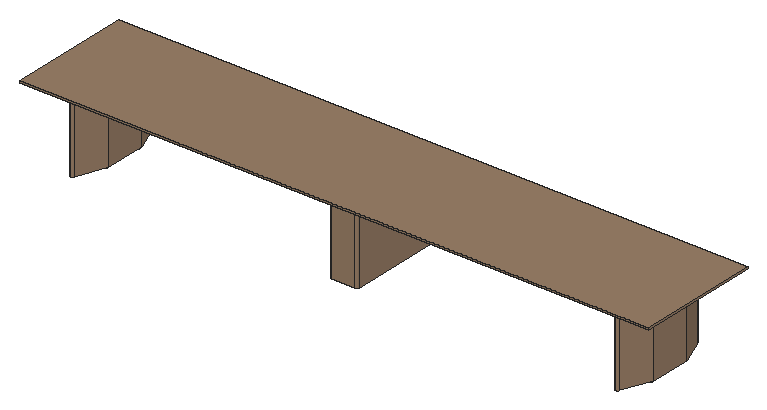
Revit family "Table-Teknion-CFTSTH_Figure_Table_Rectangular_Hexa_Panel_Base_Subtop-R2023", category Furniture, Revit 2023 (continued)
Definition of nested family "Softened Panel"
  Forms (in)
    Sweep 5, solid, material <- "Glide Finish"
      profile origin (0, 0, 0.375) x (0, -1, 0) y (1, 0, 0)
        loop
          line (16.3335, -3.82713) -> (16.646, -4.00755) -> (16.9585, -3.82713) -> (16.9585, -3.46628) -> (16.646, -3.28586) -> (16.3335, -3.46628) -> (16.3335, -3.82713)
        loop
          line (16.3335, 3.46628) -> (16.646, 3.28586) -> (16.9585, 3.46628) -> (16.9585, 3.82713) -> (16.646, 4.00755) -> (16.3335, 3.82713) -> (16.3335, 3.46628)
        loop
          line (-16.9585, 3.46628) -> (-16.646, 3.28586) -> (-16.3335, 3.46628) -> (-16.3335, 3.82713) -> (-16.646, 4.00755) -> (-16.9585, 3.82713) -> (-16.9585, 3.46628)
        loop
          line (-16.9585, -3.82713) -> (-16.646, -4.00755) -> (-16.3335, -3.82713) -> (-16.3335, -3.46628) -> (-16.646, -3.28586) -> (-16.9585, -3.46628) -> (-16.9585, -3.82713)
    Sweep 6, solid, material <- "Base Finish"
      path origin (0, 0, 0) x (1, 0, 0) y (0, 0, 1)
        loop
          line (0, 26.75) -> (0, 0.5)
      profile origin (0, 0, 13.625) x (0, -1, 0) y (1, 0, 0)
        loop
          line (17, 5) -> (-17, 5)
          arc (-17, 5) -> (-17.70711, 4.70711) -> (-18, 4) r 1
          line (-18, 4) -> (-18, -4)
          arc (-18, -4) -> (-17.70711, -4.70711) -> (-17, -5) r 1
          line (-17, -5) -> (17, -5)
          arc (17, -5) -> (17.70711, -4.70711) -> (18, -4) r 1
          line (18, -4) -> (18, 4)
          arc (18, 4) -> (17.70711, 4.70711) -> (17, 5) r 1
    Sweep 7, void
      path origin (0, 0, 0) x (1, 0, 0) y (0, 1, 0)
        loop
          line (7.5, 0) -> (-7.5, 0)
      profile origin (0, 0, 0) x (0, -1, 0) y (0, 0, 1)
        loop
          line (-5, 27.5) -> (-5, 24.5)
          arc (-5, 24.5) -> (-4.85355, 24.14645) -> (-4.5, 24) r 0.5
          line (-4.5, 24) -> (4.5, 24)
          arc (4.5, 24) -> (4.85355, 24.14645) -> (5, 24.5) r 0.5
          line (5, 24.5) -> (5, 27.5) -> (-5, 27.5)
    Sweep 8, void
      path origin (0, 0, 0) x (1, 0, 0) y (0, 0, 1)
        loop
          line (0, 26) -> (0, 1.25)
      profile origin (0, 0, 13.625) x (0, -1, 0) y (1, 0, 0)
        loop
          line (-17.25, -4.25) -> (17.25, -4.25) -> (17.25, 4.25) -> (-17.25, 4.25) -> (-17.25, -4.25)
    Sweep 9, void
      path origin (0, 0, 0) x (1, 0, 0) y (0, 0, 1)
        loop
          line (0, 0) -> (0, 2)
      profile origin (0, 0, 1) x (-1, 0, 0) y (0, -1, 0)
        loop
          arc (3, -2.64575) -> (4, 0) -> (3, 2.64575) r 4
          line (3, 2.64575) -> (3, 4.5)
          arc (3, 4.5) -> (2.85355, 4.85355) -> (2.5, 5) r 0.5
          line (2.5, 5) -> (-2.5, 5)
          arc (-2.5, 5) -> (-2.85355, 4.85355) -> (-3, 4.5) r 0.5
          line (-3, 4.5) -> (-3, 2.64575)
          arc (-3, 2.64575) -> (-4, 0) -> (-3, -2.64575) r 4
          line (-3, -2.64575) -> (-3, -4.5)
          arc (-3, -4.5) -> (-2.85355, -4.85355) -> (-2.5, -5) r 0.5
          line (-2.5, -5) -> (2.5, -5)
          arc (2.5, -5) -> (2.85355, -4.85355) -> (3, -4.5) r 0.5
          line (3, -4.5) -> (3, -2.64575)
    Sweep 10, void
      path origin (0, 0, 0) x (1, 0, 0) y (0, 1, 0)
        loop
          line (-2.5, 0) -> (-7.5, 0)
      profile origin (-5, 0, 0) x (0, -1, 0) y (0, 0, 1)
        loop
          line (-3.9, 21) -> (-3.9, 4.6) -> (3.9, 4.6) -> (3.9, 21) -> (-3.9, 21)
        loop
          line (-4, 22) -> (-4, 4.5) -> (4, 4.5) -> (4, 22)
          arc (4, 22) -> (3.85355, 22.35355) -> (3.5, 22.5) r 0.5
          line (3.5, 22.5) -> (-3.5, 22.5)
          arc (-3.5, 22.5) -> (-3.85355, 22.35355) -> (-4, 22) r 0.5
    Sweep 11, void
      path origin (0, 0, 0) x (1, 0, 0) y (0, 1, 0)
        loop
          line (7.5, 0) -> (7.2, 0)
      profile origin (7.35, 0, 0) x (0, -1, 0) y (0, 0, 1)
        loop
          arc (2.75, 24) -> (2.92678, 24.07322) -> (3, 24.25) r 0.25
          line (3, 24.25) -> (3, 25.75)
          arc (3, 25.75) -> (2.92678, 25.92678) -> (2.75, 26) r 0.25
          line (2.75, 26) -> (-2.75, 26)
          arc (-2.75, 26) -> (-2.92678, 25.92678) -> (-3, 25.75) r 0.25
          line (-3, 25.75) -> (-3, 24.25)
          arc (-3, 24.25) -> (-2.92678, 24.07322) -> (-2.75, 24) r 0.25
          line (-2.75, 24) -> (2.75, 24)
    Sweep 12, void
      path origin (0, 0, 0) x (1, 0, 0) y (0, 0, 1)
        loop
          line (0, 28.75) -> (0, 28.45)
      profile origin (0, 0, 28.6) x (0, -1, 0) y (1, 0, 0)
        loop
          arc (4.5, -3) -> (4.85355, -2.85355) -> (5, -2.5) r 0.5
          line (5, -2.5) -> (5, 2.5)
          arc (5, 2.5) -> (4.85355, 2.85355) -> (4.5, 3) r 0.5
          line (4.5, 3) -> (-4.5, 3)
          arc (-4.5, 3) -> (-4.85355, 2.85355) -> (-5, 2.5) r 0.5
          line (-5, 2.5) -> (-5, -2.5)
          arc (-5, -2.5) -> (-4.85355, -2.85355) -> (-4.5, -3) r 0.5
          line (-4.5, -3) -> (4.5, -3)
  Cuts and joins
    joined: Revolve 1, Revolve 2, Revolve 3, Revolve 4, Sweep 5
    Sweep 7, Sweep 8, Sweep 9, Sweep 10, Sweep 11, Sweep 12 cuts Sweep 6
  Lines and regions (in)
    symbolic lines, detail levels medium+fine
      curve 1: line (-5, 17, 0) -> (-5, -17, 0)
      curve 2: arc (-5, -17, 0) -> (-4.70711, -17.70711, 0) -> (-4, -18, 0) r 1
      curve 3: line (-4, -18, 0) -> (4, -18, 0)
      curve 4: arc (4, -18, 0) -> (4.70711, -17.70711, 0) -> (5, -17, 0) r 1
      curve 5: line (5, -17, 0) -> (5, 17, 0)
      curve 6: arc (5, 17, 0) -> (4.70711, 17.70711, 0) -> (4, 18, 0) r 1
      curve 7: line (4, 18, 0) -> (-4, 18, 0)
      curve 8: arc (-4, 18, 0) -> (-4.70711, 17.70711, 0) -> (-5, 17, 0) r 1
      curve 9: line (4.25, 17.25, 0) -> (-4.25, 17.25, 0)
      curve 10: line (-4.25, 17.25, 0) -> (-4.25, -17.25, 0)
      curve 11: line (-4.25, -17.25, 0) -> (4.25, -17.25, 0)
      curve 12: line (4.25, -17.25, 0) -> (4.25, 17.25, 0)
      curve 13: arc (3, 2.64575, 0) -> (4, 0, 0) -> (3, -2.64575, 0) r 4
      curve 14: line (3, -2.64575, 0) -> (3, -4.5, 0)
      curve 15: arc (3, -4.5, 0) -> (2.85355, -4.85355, 0) -> (2.5, -5, 0) r 0.5
      curve 16: line (2.5, -5, 0) -> (-2.5, -5, 0)
      curve 17: arc (-2.5, -5, 0) -> (-2.85355, -4.85355, 0) -> (-3, -4.5, 0) r 0.5
      curve 18: line (-3, -4.5, 0) -> (-3, -2.64575, 0)
      curve 19: arc (-3, -2.64575, 0) -> (-4, 0, 0) -> (-3, 2.64575, 0) r 4
      curve 20: line (-3, 2.64575, 0) -> (-3, 4.5, 0)
      curve 21: arc (-3, 4.5, 0) -> (-2.85355, 4.85355, 0) -> (-2.5, 5, 0) r 0.5
      curve 22: line (-2.5, 5, 0) -> (2.5, 5, 0)
      curve 23: arc (2.5, 5, 0) -> (2.85355, 4.85355, 0) -> (3, 4.5, 0) r 0.5
      curve 24: line (3, 4.5, 0) -> (3, 2.64575, 0)
    symbolic lines, visible <- "2D - 30W", detail levels medium+fine
      curve 25: line (-3, 4.5, 0) -> (-3, -4.5, 0)
      curve 26: line (3, -4.5, 0) -> (3, 4.5, 0)
    symbolic lines, detail levels fine
      curve 27: line (-4.25, 4, 0) -> (-5, 4, 0)
      curve 28: line (-5, 3.9, 0) -> (-4.25, 3.9, 0)
      curve 29: line (-4.25, -3.9, 0) -> (-5, -3.9, 0)
      curve 30: line (-5, -4, 0) -> (-4.25, -4, 0)
      curve 37: line (-3.46628, 16.9585, 0) -> (-3.82713, 16.9585, 0)
      curve 38: line (-3.82713, 16.9585, 0) -> (-4.00755, 16.646, 0)
      curve 39: line (-4.00755, 16.646, 0) -> (-3.82713, 16.3335, 0)
      curve 40: line (-3.82713, 16.3335, 0) -> (-3.46628, 16.3335, 0)
      curve 41: line (-3.46628, 16.3335, 0) -> (-3.28586, 16.646, 0)
      curve 42: line (-3.28586, 16.646, 0) -> (-3.46628, 16.9585, 0)
      curve 43: arc (-4.14645, 16.646, 0) -> (-3.64645, 17.146, 0) -> (-3.14645, 16.646, 0) r 0.5
      curve 44: arc (-3.14645, 16.646, 0) -> (-3.64645, 16.146, 0) -> (-4.14645, 16.646, 0) r 0.5
      curve 45: line (3.82713, 16.9585, 0) -> (3.46628, 16.9585, 0)
      curve 46: line (3.46628, 16.9585, 0) -> (3.28586, 16.646, 0)
      curve 47: line (3.28586, 16.646, 0) -> (3.46628, 16.3335, 0)
      curve 48: line (3.46628, 16.3335, 0) -> (3.82713, 16.3335, 0)
      curve 49: line (3.82713, 16.3335, 0) -> (4.00755, 16.646, 0)
      curve 50: line (4.00755, 16.646, 0) -> (3.82713, 16.9585, 0)
      curve 51: arc (3.14645, 16.646, 0) -> (3.64645, 17.146, 0) -> (4.14645, 16.646, 0) r 0.5
      curve 52: arc (4.14645, 16.646, 0) -> (3.64645, 16.146, 0) -> (3.14645, 16.646, 0) r 0.5
      curve 53: line (3.82713, -16.3335, 0) -> (3.46628, -16.3335, 0)
      curve 54: line (3.46628, -16.3335, 0) -> (3.28586, -16.646, 0)
      curve 55: line (3.28586, -16.646, 0) -> (3.46628, -16.9585, 0)
      curve 56: line (3.46628, -16.9585, 0) -> (3.82713, -16.9585, 0)
      curve 57: line (3.82713, -16.9585, 0) -> (4.00755, -16.646, 0)
      curve 58: line (4.00755, -16.646, 0) -> (3.82713, -16.3335, 0)
      curve 59: arc (4.14645, -16.646, 0) -> (3.64645, -16.146, 0) -> (3.14645, -16.646, 0) r 0.5
      curve 60: arc (3.14645, -16.646, 0) -> (3.64645, -17.146, 0) -> (4.14645, -16.646, 0) r 0.5
      curve 61: arc (-3.14645, -16.646, 0) -> (-3.64645, -16.146, 0) -> (-4.14645, -16.646, 0) r 0.5
      curve 62: arc (-4.14645, -16.646, 0) -> (-3.64645, -17.146, 0) -> (-3.14645, -16.646, 0) r 0.5
      curve 63: line (-3.46628, -16.3335, 0) -> (-3.82713, -16.3335, 0)
      curve 64: line (-3.82713, -16.3335, 0) -> (-4.00755, -16.646, 0)
      curve 65: line (-4.00755, -16.646, 0) -> (-3.82713, -16.9585, 0)
      curve 66: line (-3.82713, -16.9585, 0) -> (-3.46628, -16.9585, 0)
      curve 67: line (-3.46628, -16.9585, 0) -> (-3.28586, -16.646, 0)
      curve 68: line (-3.28586, -16.646, 0) -> (-3.46628, -16.3335, 0)
    symbolic lines, visible <- "2D - 30W", detail levels fine
      curve 31: line (-5, 3, 0) -> (-4.25, 3, 0)
      curve 32: line (-5, -3, 0) -> (-4.25, -3, 0)
      curve 33: line (4.25, -3, 0) -> (5, -3, 0)
      curve 34: line (4.25, 3, 0) -> (5, 3, 0)
    symbolic lines, visible <- "2D - 36W", detail levels medium+fine
      curve 35: line (5, 5, 0) -> (-5, 5, 0)
      curve 36: line (-5, -5, 0) -> (5, -5, 0)
  Dimensions and locks (in)
    plane 4 "Left" to plane 5 "Right" = 10.000"
    "Panel Width": plane 6 "Back" to plane 7 "Front"
    locked: plane 8 "Top" to level at 26.75
    equal spacing: plane 6 "Back", plane 1 "Center Front/Back", plane 7 "Front"
    equal spacing: plane 4 "Left", plane 3 "Center Left/Right", plane 5 "Right"
    locked: plane 6 "Back" to plane 10 "2" at 1.354
    locked: plane 7 "Front" to plane 9 "1" at 1.354
    locked: plane 11 to plane 2 at 0.5
    locked: Revolve 1 sketch curve to plane 2 at 0.25
    Revolve 1 sketch curve to Revolve 1 sketch curve to plane 4 "Left" = 0.500" locked, 0.85355" locked
    locked: Revolve 2 sketch curve to plane 2 at 0.25
    Revolve 2 sketch curve to Revolve 2 sketch curve to plane 5 "Right" = 0.500" locked, 1.35355" locked
    locked: Revolve 2 sketch curve to plane 5 "Right" at 1.35355
    Revolve 3 sketch curve to Revolve 3 sketch curve to plane 4 "Left" = 0.500" locked, 0.85355" locked
    locked: Revolve 3 sketch curve to plane 2 at 0.25
    locked: Revolve 4 sketch curve to plane 2 at 0.25
    Revolve 4 sketch curve to Revolve 4 sketch curve to plane 5 "Right" = 0.500" locked, 1.35355" locked
    locked: Revolve 4 sketch curve to plane 5 "Right" at 1.35355
    locked: Sweep 5 sketch curve to plane 2 at 0.25
    plane 4 "Left" to Sweep 5 sketch curve to Sweep 5 sketch curve to Sweep 5 sketch curve to Sweep 5 sketch curve to Sweep 5 sketch curve to Sweep 5 sketch curve = 0.99245" locked, 0.18042" locked, 0.000" locked, 0.36084" locked, 0.000" locked, 0.18042" locked  (x2)
    Sweep 5 sketch curve to Sweep 5 sketch curve to Sweep 5 sketch curve to Sweep 5 sketch curve to Sweep 5 sketch curve to Sweep 5 sketch curve to plane 5 "Right" = 0.18042" locked, 0.000" locked, 0.36084" locked, 0.000" locked, 0.18042" locked, 0.99245" locked  (x2)
    Sweep 5 sketch curve to plane 9 "1" to Sweep 5 sketch curve = 0.3125" locked, 0.3125" locked  (x2)
    Sweep 5 sketch curve to plane 10 "2" to Sweep 5 sketch curve = 0.3125" locked, 0.3125" locked  (x2)
    locked: plane 4 "Left" to Revolve 1 sketch curve at 1.35355
    locked: plane 4 "Left" to Revolve 3 sketch curve at 1.35355
    locked: plane 6 "Back" to Sweep 6 sketch curve at 1  (x2)
    locked: plane 7 "Front" to Sweep 6 sketch curve at 1  (x2)
    locked: plane 4 "Left" to Sweep 6 sketch curve at 1  (x2)
    locked: Sweep 6 sketch curve to plane 5 "Right" at 1  (x2)
    "Cut 1": Sweep 7 sketch curve to Sweep 7 sketch curve
    Sweep 7 sketch curve to Sweep 7 sketch curve to plane 1 "Center Front/Back" to Sweep 7 sketch curve to Sweep 7 sketch curve = 0.500" locked, 4.500" locked, 4.500" locked, 0.500" locked
    Sweep 7 sketch curve to plane 8 "Top" to Sweep 7 sketch curve = 0.750" locked, 2.750" locked
    locked: Sweep 8 sketch curve to plane 11 at 0.75
    locked: plane 8 "Top" to Sweep 8 sketch curve at 0.75
    locked: Sweep 8 sketch curve to plane 7 "Front" at 0.75
    locked: Sweep 8 sketch curve to plane 6 "Back" at 0.75
    locked: plane 4 "Left" to Sweep 8 sketch curve at 0.75
    locked: Sweep 8 sketch curve to plane 5 "Right" at 0.75
    locked: Sweep 9 sketch curve to plane 2 at 2
    Sweep 9 sketch curve to Sweep 9 sketch curve to Sweep 9 sketch curve to Sweep 9 sketch curve to Sweep 9 sketch curve to plane 1 "Center Front/Back" to Sweep 9 sketch curve to Sweep 9 sketch curve to Sweep 9 sketch curve to Sweep 9 sketch curve to Sweep 9 sketch curve = 0.500" locked, 0.000" locked, 1.85425" locked, 0.000" locked, 2.64575" locked, 2.64575" locked, 0.000" locked, 1.85425" locked, 0.000" locked, 0.500" locked
    Sweep 9 sketch curve to Sweep 9 sketch curve to plane 3 "Center Left/Right" to Sweep 9 sketch curve to Sweep 9 sketch curve = 0.500" locked, 2.500" locked, 2.500" locked, 0.500" locked
    Sweep 10 sketch curve to Sweep 10 sketch curve to plane 3 "Center Left/Right" = 5.000" locked, 2.500" locked
    Sweep 10 sketch curve to Sweep 10 sketch curve to Sweep 10 sketch curve to Sweep 10 sketch curve to plane 11 = 1.500" locked, 16.400" locked, 0.100" locked, 4.000" locked
    Sweep 10 sketch curve to Sweep 10 sketch curve to Sweep 10 sketch curve to plane 1 "Center Front/Back" to Sweep 10 sketch curve to Sweep 10 sketch curve to Sweep 10 sketch curve = 0.100" locked, 0.400" locked, 3.500" locked, 3.500" locked, 0.400" locked, 0.100" locked
    locked: Sweep 7 sketch curve to plane 4 "Left" at 2.5
    locked: plane 3 "Center Left/Right" to Sweep 11 sketch curve at 7.5
    "Cut 2": Sweep 11 sketch curve to Sweep 11 sketch curve
    Sweep 11 sketch curve to Sweep 11 sketch curve to plane 1 "Center Front/Back" to Sweep 11 sketch curve to Sweep 11 sketch curve = 0.250" locked, 2.750" locked, 2.750" locked, 0.250" locked
    Sweep 11 sketch curve to Sweep 11 sketch curve to Sweep 11 sketch curve to Sweep 11 sketch curve to plane 8 "Top" = 0.250" locked, 1.500" locked, 0.250" locked, 0.750" locked
    locked: Sweep 12 sketch curve to plane 8 "Top" at 2
    "Cut 3": Sweep 12 sketch curve to Sweep 12 sketch curve
    Sweep 12 sketch curve to Sweep 12 sketch curve to plane 3 "Center Left/Right" to Sweep 12 sketch curve to Sweep 12 sketch curve = 0.500" locked, 2.500" locked, 2.500" locked, 0.500" locked
    Sweep 12 sketch curve to Sweep 12 sketch curve to plane 1 "Center Front/Back" to Sweep 12 sketch curve to Sweep 12 sketch curve = 0.500" locked, 4.500" locked, 4.500" locked, 0.500" locked
    aligned and locked: level to plane 2
    aligned and locked: plane 2 to Revolve 1 sketch curve
    aligned and locked: plane 2 to Revolve 2 sketch curve
    aligned and locked: plane 2 to Revolve 3 sketch curve
    aligned and locked: plane 2 to Revolve 4 sketch curve
    aligned and locked: plane 11 to Sweep 5 sketch curve
    aligned and locked: Sweep 5 sketch curve to plane 3 "Center Left/Right"
    aligned and locked: plane 9 "1" to Sweep 5 sketch curve  (x4)
    aligned and locked: plane 10 "2" to Sweep 5 sketch curve  (x4)
    aligned and locked: plane 11 to Sweep 6 sketch curve
    aligned and locked: plane 8 "Top" to Sweep 6 sketch curve
    aligned and locked: Sweep 6 sketch curve to plane 3 "Center Left/Right"
    aligned and locked: Sweep 6 sketch curve to plane 7 "Front"
    aligned and locked: plane 4 "Left" to Sweep 6 sketch curve
    aligned and locked: plane 6 "Back" to Sweep 6 sketch curve
    aligned and locked: Sweep 7 sketch curve to plane 1 "Center Front/Back"
    aligned and locked: Sweep 8 sketch curve to plane 3 "Center Left/Right"
    aligned and locked: plane 2 to Sweep 9 sketch curve
    aligned and locked: plane 3 "Center Left/Right" to Sweep 9 sketch curve  (x3)
    aligned and locked: Sweep 9 sketch curve to Sweep 9 sketch curve
    aligned and locked: Sweep 10 sketch curve to plane 1 "Center Front/Back"
    aligned and locked: curve 2 to cut or joined group of Sweep 6, Sweep 7, Sweep 8, Sweep 9, Sweep 10, Sweep 11, Sweep 12
    aligned and locked: curve 4 to cut or joined group of Sweep 6, Sweep 7, Sweep 8, Sweep 9, Sweep 10, Sweep 11, Sweep 12
    aligned and locked: curve 6 to cut or joined group of Sweep 6, Sweep 7, Sweep 8, Sweep 9, Sweep 10, Sweep 11, Sweep 12
    aligned and locked: curve 8 to cut or joined group of Sweep 6, Sweep 7, Sweep 8, Sweep 9, Sweep 10, Sweep 11, Sweep 12
    aligned and locked: curve 9 to cut or joined group of Sweep 6, Sweep 7, Sweep 8, Sweep 9, Sweep 10, Sweep 11, Sweep 12
    aligned and locked: curve 10 to cut or joined group of Sweep 6, Sweep 7, Sweep 8, Sweep 9, Sweep 10, Sweep 11, Sweep 12
    aligned and locked: curve 11 to cut or joined group of Sweep 6, Sweep 7, Sweep 8, Sweep 9, Sweep 10, Sweep 11, Sweep 12
    aligned and locked: curve 12 to cut or joined group of Sweep 6, Sweep 7, Sweep 8, Sweep 9, Sweep 10, Sweep 11, Sweep 12
    aligned and locked: curve 13 to cut or joined group of Sweep 6, Sweep 7, Sweep 8, Sweep 9, Sweep 10, Sweep 11, Sweep 12
    aligned and locked: curve 14 to cut or joined group of Sweep 6, Sweep 7, Sweep 8, Sweep 9, Sweep 10, Sweep 11, Sweep 12
    aligned and locked: curve 15 to cut or joined group of Sweep 6, Sweep 7, Sweep 8, Sweep 9, Sweep 10, Sweep 11, Sweep 12
    aligned and locked: curve 17 to cut or joined group of Sweep 6, Sweep 7, Sweep 8, Sweep 9, Sweep 10, Sweep 11, Sweep 12
    aligned and locked: curve 19 to cut or joined group of Sweep 6, Sweep 7, Sweep 8, Sweep 9, Sweep 10, Sweep 11, Sweep 12
    aligned and locked: curve 20 to cut or joined group of Sweep 6, Sweep 7, Sweep 8, Sweep 9, Sweep 10, Sweep 11, Sweep 12
    aligned and locked: curve 21 to cut or joined group of Sweep 6, Sweep 7, Sweep 8, Sweep 9, Sweep 10, Sweep 11, Sweep 12
    aligned and locked: curve 23 to cut or joined group of Sweep 6, Sweep 7, Sweep 8, Sweep 9, Sweep 10, Sweep 11, Sweep 12
    aligned and locked: curve 27 to cut or joined group of Sweep 6, Sweep 7, Sweep 8, Sweep 9, Sweep 10, Sweep 11, Sweep 12
    aligned and locked: curve 28 to cut or joined group of Sweep 6, Sweep 7, Sweep 8, Sweep 9, Sweep 10, Sweep 11, Sweep 12
    aligned and locked: curve 29 to cut or joined group of Sweep 6, Sweep 7, Sweep 8, Sweep 9, Sweep 10, Sweep 11, Sweep 12
    aligned and locked: curve 30 to cut or joined group of Sweep 6, Sweep 7, Sweep 8, Sweep 9, Sweep 10, Sweep 11, Sweep 12
    aligned and locked: curve 34 to Sweep 11
    aligned and locked: curve 31 to Sweep 11
    aligned and locked: curve 33 to Sweep 11
    aligned and locked: curve 32 to Sweep 11
    aligned and locked: curve 35 to cut or joined group of Sweep 6, Sweep 7, Sweep 8, Sweep 9, Sweep 10, Sweep 11, Sweep 12
    aligned and locked: curve 36 to cut or joined group of Sweep 6, Sweep 7, Sweep 8, Sweep 9, Sweep 10, Sweep 11, Sweep 12
    aligned and locked: curve 37 to cut or joined group of Revolve 1, Revolve 2, Revolve 3, Revolve 4, Sweep 5
    aligned and locked: curve 38 to cut or joined group of Revolve 1, Revolve 2, Revolve 3, Revolve 4, Sweep 5
    aligned and locked: curve 39 to cut or joined group of Revolve 1, Revolve 2, Revolve 3, Revolve 4, Sweep 5
    aligned and locked: curve 40 to cut or joined group of Revolve 1, Revolve 2, Revolve 3, Revolve 4, Sweep 5
    aligned and locked: curve 41 to cut or joined group of Revolve 1, Revolve 2, Revolve 3, Revolve 4, Sweep 5
    aligned and locked: curve 42 to cut or joined group of Revolve 1, Revolve 2, Revolve 3, Revolve 4, Sweep 5
    aligned and locked: curve 43 to cut or joined group of Revolve 1, Revolve 2, Revolve 3, Revolve 4, Sweep 5
    aligned and locked: curve 44 to cut or joined group of Revolve 1, Revolve 2, Revolve 3, Revolve 4, Sweep 5
    aligned and locked: curve 45 to cut or joined group of Revolve 1, Revolve 2, Revolve 3, Revolve 4, Sweep 5
    aligned and locked: curve 46 to cut or joined group of Revolve 1, Revolve 2, Revolve 3, Revolve 4, Sweep 5
    aligned and locked: curve 47 to cut or joined group of Revolve 1, Revolve 2, Revolve 3, Revolve 4, Sweep 5
    aligned and locked: curve 48 to cut or joined group of Revolve 1, Revolve 2, Revolve 3, Revolve 4, Sweep 5
    aligned and locked: curve 49 to cut or joined group of Revolve 1, Revolve 2, Revolve 3, Revolve 4, Sweep 5
    aligned and locked: curve 50 to cut or joined group of Revolve 1, Revolve 2, Revolve 3, Revolve 4, Sweep 5
    aligned and locked: curve 51 to cut or joined group of Revolve 1, Revolve 2, Revolve 3, Revolve 4, Sweep 5
    aligned and locked: curve 52 to cut or joined group of Revolve 1, Revolve 2, Revolve 3, Revolve 4, Sweep 5
    aligned and locked: curve 53 to cut or joined group of Revolve 1, Revolve 2, Revolve 3, Revolve 4, Sweep 5
    aligned and locked: curve 54 to cut or joined group of Revolve 1, Revolve 2, Revolve 3, Revolve 4, Sweep 5
    aligned and locked: curve 55 to cut or joined group of Revolve 1, Revolve 2, Revolve 3, Revolve 4, Sweep 5
    aligned and locked: curve 56 to cut or joined group of Revolve 1, Revolve 2, Revolve 3, Revolve 4, Sweep 5
    aligned and locked: curve 57 to cut or joined group of Revolve 1, Revolve 2, Revolve 3, Revolve 4, Sweep 5
    aligned and locked: curve 58 to cut or joined group of Revolve 1, Revolve 2, Revolve 3, Revolve 4, Sweep 5
    aligned and locked: curve 59 to cut or joined group of Revolve 1, Revolve 2, Revolve 3, Revolve 4, Sweep 5
    aligned and locked: curve 60 to cut or joined group of Revolve 1, Revolve 2, Revolve 3, Revolve 4, Sweep 5
    aligned and locked: curve 61 to cut or joined group of Revolve 1, Revolve 2, Revolve 3, Revolve 4, Sweep 5
    aligned and locked: curve 62 to cut or joined group of Revolve 1, Revolve 2, Revolve 3, Revolve 4, Sweep 5
    aligned and locked: curve 63 to cut or joined group of Revolve 1, Revolve 2, Revolve 3, Revolve 4, Sweep 5
    aligned and locked: curve 64 to cut or joined group of Revolve 1, Revolve 2, Revolve 3, Revolve 4, Sweep 5
    aligned and locked: curve 65 to cut or joined group of Revolve 1, Revolve 2, Revolve 3, Revolve 4, Sweep 5
    aligned and locked: curve 66 to cut or joined group of Revolve 1, Revolve 2, Revolve 3, Revolve 4, Sweep 5
    aligned and locked: curve 67 to cut or joined group of Revolve 1, Revolve 2, Revolve 3, Revolve 4, Sweep 5
    aligned and locked: curve 68 to cut or joined group of Revolve 1, Revolve 2, Revolve 3, Revolve 4, Sweep 5
  Automatic sketch dimensions
    Revolve 2 sketch curve to plane 11 = 0.0769"
    Revolve 2 sketch curve to level = 0.3269"
    level to Revolve 4 sketch curve = 0.45393"
    plane 11 to Revolve 4 sketch curve = 0.08613"
    plane 11 to Revolve 1 sketch curve = 0.250"
    Revolve 1 sketch curve to level = 0.62632"
    Revolve 3 sketch curve to plane 11 = 0.250"
    level to Revolve 3 sketch curve = 0.500"
    Sweep 11 sketch curve to plane 1 "Center Front/Back" = 0.000"
    Sweep 12 sketch curve to plane 3 "Center Left/Right" = 0.000"
    plane 10 "2" to curve 43 = 0.000"  (x2)
    plane 10 "2" to curve 51 = 0.000"  (x2)
    curve 60 to plane 9 "1" = 0.000"
    curve 59 to plane 9 "1" = 0.000"
    curve 61 to plane 9 "1" = 0.000"  (x2)
Definition of nested family "Teknion_2D_Node_Family-R2016"
  Reference planes (in)
    plane 1 "Center (Front/Back)": y = 0
    plane 2: z = 0
    plane 3 "Center (Left/Right)": x = 0
  Lines and regions (in)
    detail lines, in view "Ref. Level"
      curve 1: circle (0, 0, 0) r 1.25 normal (0, 0, 1)
      curve 2: line (1.91508, -1.91508, 0) -> (-1.91508, 1.91508, 0)
      curve 3: line (-1.91508, -1.91508, 0) -> (1.91508, 1.91508, 0)
Types (4): name | Width | S - Softened Panel | Panel Width | N - No Central Base | Model | 2D - Softened + 36" Panel Width | 2D - Hexa Panel | H - Hexa Panel | Dim 2 | Dim 1 | Description | Depth | Cut - Central Base - Softened | Cut - Central Base - Hexa | Available Width
  (no name) | 240.000" | yes | 36.000" | no | "CFTSTH_____S" | yes | no | no | 18.000" | 19.000" | "Figure Table, Rectangular, Hexa Panel Base, Subtop , Softened Panel Central Base" | 60.000" | 15.000" | 0.300" | "132, 144, 156, 168, 180, 192, 204, 216, 228 & 240 Inch"
  No Central Base | 120.000" | no | 36.000" | yes | "CFTSTH_____N" | no | no | no | 18.000" | 3.000" | "Figure Table, Rectangular, Hexa Panel Base, Subtop, No Central Base" | 60.000" | 0.300" | 0.300" | "096, 108 & 120 Inch Only"
  Softened Panel Central Base | 240.000" | yes | 36.000" | no | "CFTSTH_____S" | yes | no | no | 18.000" | 19.000" | "Figure Table, Rectangular, Hexa Panel Base, Subtop , Softened Panel Central Base" | 60.000" | 15.000" | 0.300" | "132, 144, 156, 168, 180, 192, 204, 216, 228 & 240 Inch"
  Hexa Panel Central Base | 132.000" | no | 30.000" | no | "CFTSTH_____H" | no | yes | yes | 15.000" | 19.000" | "Figure Table, Rectangular, Hexa Panel Base, Subtop , Hexa Panel Central Base" | 48.000" | 0.300" | 15.000" | "132, 144, 156, 168, 180, 192, 204, 216, 228 & 240 Inch"
